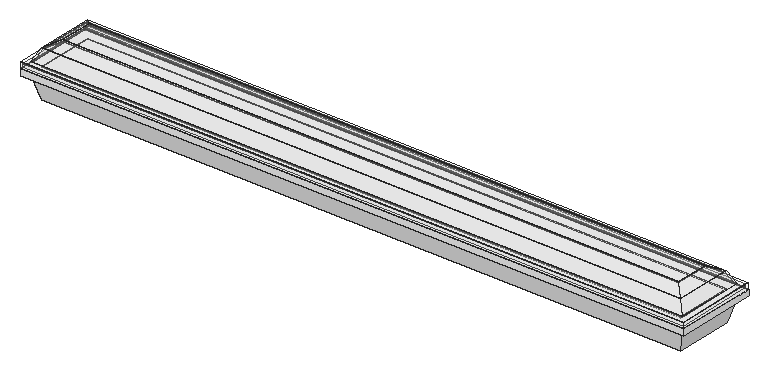
Revit family "LXEM4", category Lighting Fixtures, host Face, Revit 2021
Family settings
  Host = Face
  Round Connector Dimension = Use Diameter
  Part Type = Normal
  OmniClass Number = 23.80.70.11
  OmniClass Title = Luminaries for Internal Lighting
  Cut with Voids When Loaded = No
  Light Source = Yes
  Shared = Yes
  Room Calculation Point = No
Parameters (values of type "LXEM4")
  Wattage = 102 W
  built-in parameter 1150110 = 1 (stored number, unit not read)
  Voltage = 120 V
  Wattage Comments = ""
  URL = "www.currentlighting.com/columbialighting"
  built-in parameter 1114217 = 1 (stored number, unit not read)
  Tilt Angle = -90.00°
  built-in parameter 1150109 = 1 (stored number, unit not read)
  built-in parameter 1150134 = 12
  built-in parameter 1150113 = 1 (stored number, unit not read)
  Shielding = "Ribbed Frosted Acrylic"
  RFA Lens = yes
  Product Page URL = ""
  Product Documentation Link = ""
  Photometric Web File = "LXEM4-30HL-DCA-EDU.ies"
  Nominal Watts = 47 W
  Model = "LXEM"  # constant formula
  Manufacturer = "Columbia Lighting"  # constant formula
  Row Length = 4.305 ft
  built-in parameter 1150105 = 852.27 (stored number, unit not read)
  Lumens = 10710 lm
  built-in parameter 1150115 = 1 (stored number, unit not read)
  Lumen Output = "Xtra High Lumen"
  built-in parameter 1150137 = (empty or 0)
  built-in parameter 1150139 = (empty or 0)
  built-in parameter 1150112 = 1 (stored number, unit not read)
  built-in parameter 1150114 = 1 (stored number, unit not read)
  Lamp = "LED Lamp"
  built-in parameter 1150132 = (empty or 0)
  built-in parameter 1150102 = (empty or 0)
  built-in parameter 1150107 = 4000 (stored number, unit not read)
  built-in parameter 1150138 = (empty or 0)
  built-in parameter 1150106 = 8.5227 (stored number, unit not read)
  Glass = White Glass
  Features = "LED Enclosed and Gasketed.\r\nLong life 60,000 hour LEDs at L80 for reduced lumen maintenance.\r\nFour LED color choices and 80 CRI.\r\nAvailable in 2', 4', or 8' lengths.\r\nIP66 all sizes when ordered with standard polyacetal (POM) latches.\r\nIP65 all sizes, IP67 4' and 8'.\r\nFiberglass housing with F1 weatherability rating, standard.\r\nSmooth housing for easy cleaning.\r\nGasket is non-porous to ensure seal.\r\nImpact modified acrylic lens equivalent to 100% DR.\r\nLens selections include linear ribbed frost or deep profile frost\r\nLens firmly secured with tamper resistance ready polyacetal (POM) latches\r\nStainless steel latching optional\r\nRemovable gear tray electrical access for modular replaceability\r\nEmergency battery pack installed, optional on most models"  # constant formula
  Emit from Line Length = 4.0 ft
  built-in parameter 1150104 = 9.7548 (stored number, unit not read)
  Driver = "Fixed Output"
  Dimming Lamp Color Temperature Shift = <None>
  Description = "LXEM Medium Enclosed & Gasketed Luminaire"  # constant formula
  Default Elevation = 4.0 ft
  DFA or DCA Lens = not(RFA Lens)  # no
  Color Filter = 16777215
  built-in parameter 1114218 = 1 (stored number, unit not read)
  Backbox = White
  built-in parameter 1150133 = 10 (stored number, unit not read)
  Apparent Load = 47 VA
Types (4, lengths in ft): name | Photometric Web File | Nominal Watts | Row Length | Emit from Line Length | Apparent Load
  (no name) | "LXEM4-30HL-DCA-EDU.ies" | 47 W | 4.305 | 4.0 | 47 VA
  LXEM2 | "LXEM2-30HL-DCA-EDU.ies" | 44 W | 2.305 | 2.0 | 44 VA
  LXEM4 | "LXEM4-30HL-DCA-EDU.ies" | 47 W | 4.305 | 4.0 | 47 VA
  LXEM8 | "LXEM8-40VW-RFA-EDU.ies" | 45 W | 8.333 | 8.0 | 45 VA
Reference planes (ft)
  plane 1 "Center (Front/Back)": y = 0.003333
  plane 2: z = 0
  plane 3 "Center (Left/Right)": x = 0.13912
  plane 4: x = -2.01338
  plane 5: x = 2.29162
Dimensions and locks (ft)
  equal spacing: plane 5, plane 3 "Center (Left/Right)", plane 4
  "Row Length": plane 5 to plane 4
  aligned and locked: plane 2 to host face
  aligned and locked: level to host face
  aligned and locked: plane 3 "Center (Left/Right)" to nested 1
  aligned and locked: plane 4 to nested 1
  aligned and locked: plane 1 "Center (Front/Back)" to nested 1
  aligned and locked: imposter light to nested 1
  aligned and locked: imposter light to plane 1 "Center (Front/Back)"
  aligned and locked: plane 3 "Center (Left/Right)" to imposter light
Automatic sketch dimensions
  host sketch curve to host sketch curve = 8.0 ft  (x2)
Nested families (ft)
  nested 1: "Enclosed and Gasketed" at (0.309759, 0, 0), Row Length <- "Row Length", Glass <- "Glass", Backbox <- "Backbox", RFA <- "RFA Lens", DFA or DCA <- "DFA or DCA Lens", type "LED Enclosed and Gasketed"
    with Row Length 4.305 ft, RFA yes, Glass White Glass, DFA or DCA no, Backbox White
Connectors (ft)
  electrical at (0.13912, 0.003333, 0), driven by "Voltage", driven by "Description"
    settings: on nested 1, index 1, voltage 120 V, apparent load 0 VA, apparent load phase1 0 VA, apparent load phase2 0 VA, apparent load phase3 0 VA, power factor 1, load classification "Other", number of poles 1, system type 30, power factor state 1, is connector primary yes, connector utility no, sub classification motor no, connector description "LXEM Medium Enclosed & Gasketed Luminaire"
Definition of nested family "Enclosed and Gasketed"
  Parameters (values of type "4'")
    Wattage Comments = ""
    URL = ""
    Row Length [instance] = 4.305 ft
    RFA [instance] = yes
    Product Page URL = ""
    Product Documentation Link = ""
    Model = ""
    Manufacturer = ""
    Lamp = ""
    Glass [instance] = none
    Description = ""
    Default Elevation = 4.0 ft
    DFA or DCA [instance] = yes
    Backbox [instance] = none
  Types (4, lengths in ft): name | Row Length
    2" | 2.305
    4' | 4.305
    6' | 8.333333
    LED Enclosed and Gasketed | 4.0
  Reference planes (ft)
    plane 1 "Center (Front/Back)": y = 0.003333
    plane 2: z = 0
    plane 3 "Center (Left/Right)": x = -0.170639
    plane 4: x = -2.489806
    plane 5: x = 2.148527
    plane 6: y = 0.28574
    plane 7: y = -0.279075
    plane 8: z = 0.364583
    plane 9: z = 0.2
    plane 10: y = 0.244073
    plane 11: y = -0.237408
    plane 12: y = 0.202407
    plane 13: y = -0.195741
    plane 14: x = -2.323139
    plane 15: x = 1.981861
    plane 16: z = 0.322917
    plane 17: z = 0.241667
    plane 18: y = 0.119073
    plane 19: z = 0.35625
    plane 20: z = 0.0625
    plane 21: y = -0.112408
    plane 22: z = 0.158333
    plane 23: z = 0.469167
  Forms (ft)
    Extrusion 1, solid
      sketch origin (0, 0, 0.005297) x (1, 0, 0) y (0, 1, 0)
        loop
          line (-4, 4) -> (-4, -4) -> (4, -4) -> (4, 4) -> (-4, 4)
      from -0.005297 to -1.478638
    Extrusion 2, solid, material <- "Backbox"
      sketch origin (0, 1.902299, 0.2) x (0, 1, 0) y (-1, 0, 0)
        loop
          line (-1.783226, 2.323139) -> (-2.014707, 2.323139) -> (-2.014707, -1.981861) -> (-1.783226, -1.981861) -> (-1.783226, 2.323139)
      from -0.2 to 0
    Sweep 3, solid, material <- "Backbox"
      path origin (0, 1.902299, 0.2) x (0, 1, 0) y (-1, 0, 0)
        loop
          line (-1.616559, 2.489806) -> (-2.181374, 2.489806) -> (-2.181374, -2.148527) -> (-1.616559, -2.148527) -> (-1.616559, 2.489806)
      profile origin (-0.170639, 0.28574, 0.2) x (0, 1, 0) y (0, 0, 1)
        loop
          line (0, 0) -> (-0.166667, 0) -> (-0.166667, -0.2) -> (-0.083333, -0.2) -> (-0.041667, -0.041667) -> (0, -0.041667) -> (0, 0)
    Sweep 4, solid, material <- "Glass", visible <- "RFA"
      path origin (0, 1.902299, 0.2) x (0, 1, 0) y (-1, 0, 0)
        loop
          line (-1.616559, 2.489806) -> (-2.181374, 2.489806) -> (-2.181374, -2.148527) -> (-1.616559, -2.148527) -> (-1.616559, 2.489806)
      profile origin (-0.170639, 0.28574, 0.2) x (0, 1, 0) y (0, 0, 1)
        loop
          line (0, 0) -> (0, 0.041667) -> (-0.041667, 0.041667) -> (-0.083333, 0.122917) -> (-0.166667, 0.164583) -> (-0.166667, 0.155266) -> (-0.089502, 0.116684) -> (-0.046758, 0.033333) -> (-0.008333, 0.033333) -> (-0.008333, 0.008333) -> (-0.083333, 0.008333) -> (-0.083333, 0) -> (0, 0)
    Extrusion 5, solid, material <- "Glass", visible <- "RFA"
      sketch origin (-0.170639, 0, 0) x (0, 1, 0) y (0, 0, 1)
        loop
          line (0.119073, 0.364583) -> (-0.112408, 0.364583) -> (-0.112408, 0.355266) -> (0.119073, 0.355266) -> (0.119073, 0.364583)
      from -2.1525 to 2.1525
    Sweep 6, solid, material <- "Glass", visible <- "DFA or DCA"
      path origin (0, 0, 0) x (1, 0, 0) y (0, 1, 0)
        loop
          line (-2.489806, 0.28574) -> (-2.489806, -0.279075) -> (2.148527, -0.279075) -> (2.148527, 0.28574) -> (-2.489806, 0.28574)
      profile origin (-0.170639, 0.28574, 0) x (0, 1, 0) y (0, 0, 1)
        loop
          line (0, 0.200521) -> (0, 0.242188) -> (-0.015625, 0.242188) -> (-0.120151, 0.446013) -> (-0.166667, 0.469271) -> (-0.166667, 0.459954) -> (-0.12632, 0.439781) -> (-0.020717, 0.233854) -> (-0.008333, 0.233854) -> (-0.008333, 0.208854) -> (-0.083333, 0.208854) -> (-0.083333, 0.200521) -> (0, 0.200521)
    Extrusion 7, solid, material <- "Glass", visible <- "DFA or DCA"
      sketch origin (0, 0, 0) x (1, 0, 0) y (0, 1, 0)
        loop
          line (-2.323139, -0.112408) -> (1.981861, -0.112408) -> (1.981861, 0.119073) -> (-2.323139, 0.119073) -> (-2.323139, -0.112408)
      from 0.459954 to 0.469271
  Cuts and joins
    joined: Extrusion 2, Sweep 3
    joined: Sweep 4, Extrusion 5
  Dimensions and locks (ft)
    equal spacing: plane 5, plane 3 "Center (Left/Right)", plane 4
    equal spacing: plane 6, plane 1 "Center (Front/Back)", plane 7
    locked: plane 6 to plane 7 at 0.564815
    locked: plane 9 to plane 2 at 0.2
    locked: plane 8 to plane 2 at 0.364583
    equal spacing: plane 10, plane 1 "Center (Front/Back)", plane 11
    locked: plane 6 to plane 10 at 0.041667
    plane 10 to plane 12 = 0.041667 ft
    equal spacing: plane 12, plane 1 "Center (Front/Back)", plane 13
    plane 14 to plane 4 = 0.166667 ft
    equal spacing: plane 15, plane 3 "Center (Left/Right)", plane 14
    locked: plane 17 to plane 9 at 0.041667
    locked: plane 8 to plane 16 at 0.041667
    locked: plane 8 to plane 19 at 0.008333
    locked: plane 20 to level at 0.0625
    equal spacing: plane 21, plane 1 "Center (Front/Back)", plane 18
    locked: plane 9 to plane 22 at 0.041667
    "Row Length": plane 15 to plane 14
    locked: plane 6 to plane 18 at 0.166667
    locked: Sweep 4 sketch curve to Sweep 4 sketch curve at 0.009317
    locked: Sweep 4 sketch curve to Sweep 4 sketch curve at 0.008333  (x3)
    Sweep 4 sketch curve to Sweep 4 sketch curve to plane 17 = 0.008333 ft, 0.0 ft locked
    locked: plane 6 to Sweep 4 sketch curve at 0.008333
    locked: Sweep 6 sketch curve to Sweep 6 sketch curve at 0.009317
    locked: Sweep 6 sketch curve to Sweep 6 sketch curve at 0.008333  (x3)
    Sweep 6 sketch curve to Sweep 6 sketch curve = 0.008333 ft
    aligned and locked: plane 2 to Extrusion 1
    aligned and locked: level to Extrusion 1
    aligned and locked: Extrusion 2 to level
    aligned and locked: plane 9 to Extrusion 2
    aligned and locked: plane 6 to Sweep 3 sketch curve
    aligned and locked: plane 4 to Sweep 3 sketch curve
    aligned and locked: Sweep 3 sketch curve to plane 7
    aligned and locked: Sweep 3 sketch curve to plane 5
    aligned and locked: plane 9 to Sweep 3 sketch curve
    aligned and locked: Sweep 3 sketch curve to plane 6
    aligned and locked: Sweep 3 sketch curve to plane 22
    aligned and locked: plane 22 to Sweep 3 sketch curve
    aligned and locked: plane 10 to Sweep 3 sketch curve
    aligned and locked: level to Sweep 3 sketch curve
    aligned and locked: plane 12 to Sweep 3 sketch curve
    aligned and locked: plane 18 to Sweep 3 sketch curve
    aligned and locked: Sweep 3 to Extrusion 2
    aligned and locked: Extrusion 2 to plane 2
    aligned and locked: Extrusion 2 to plane 14
    aligned and locked: plane 15 to Extrusion 2
    aligned and locked: Sweep 4 sketch curve to cut or joined group of Extrusion 2, Sweep 3  (x4)
    aligned and locked: Sweep 4 sketch curve to plane 9
    aligned and locked: plane 6 to Sweep 4 sketch curve
    aligned and locked: plane 17 to Sweep 4 sketch curve
    aligned and locked: plane 10 to Sweep 4 sketch curve
    aligned and locked: plane 16 to Sweep 4 sketch curve
    aligned and locked: plane 12 to Sweep 4 sketch curve
    aligned and locked: plane 18 to Sweep 4 sketch curve
    aligned and locked: plane 8 to Sweep 4 sketch curve
    aligned and locked: Extrusion 5 sketch curve to Sweep 4  (x4)
    aligned and locked: plane 15 to Extrusion 5
    aligned and locked: Extrusion 5 to plane 14
    aligned and locked: Extrusion 7 sketch curve to Sweep 6  (x4)
  Automatic sketch dimensions
    Extrusion 1 sketch curve to Extrusion 1 sketch curve = 8.0 ft  (x2)
    plane 21 to Extrusion 2 sketch curve = 0.0 ft
    plane 18 to Extrusion 2 sketch curve = 0.0 ft
    Extrusion 2 sketch curve to plane 15 = 0.0 ft
    plane 14 to Extrusion 2 sketch curve = 0.0 ft
    Sweep 4 sketch curve to Sweep 4 sketch curve = 0.041667 ft
    Sweep 6 sketch curve to plane 4 = 0.0 ft
    Sweep 6 sketch curve to plane 5 = 0.0 ft
    plane 7 to Sweep 6 sketch curve = 0.0 ft
    plane 6 to Sweep 6 sketch curve = 0.0 ft
    level to Sweep 6 sketch curve = 0.200521 ft
    Sweep 6 sketch curve to profile plane = 0.0 ft
    profile plane to Sweep 6 sketch curve = 0.008333 ft
    Sweep 6 sketch curve to Sweep 6 sketch curve = 0.007292 ft
    Sweep 6 sketch curve to Sweep 6 sketch curve = 0.005092 ft
    Sweep 6 sketch curve to Sweep 6 sketch curve = 0.062617 ft
    profile plane to Sweep 6 sketch curve = 0.120151 ft
    Sweep 6 sketch curve to Sweep 6 sketch curve = 0.040347 ft
    Sweep 6 sketch curve to Sweep 6 sketch curve = 0.025 ft
